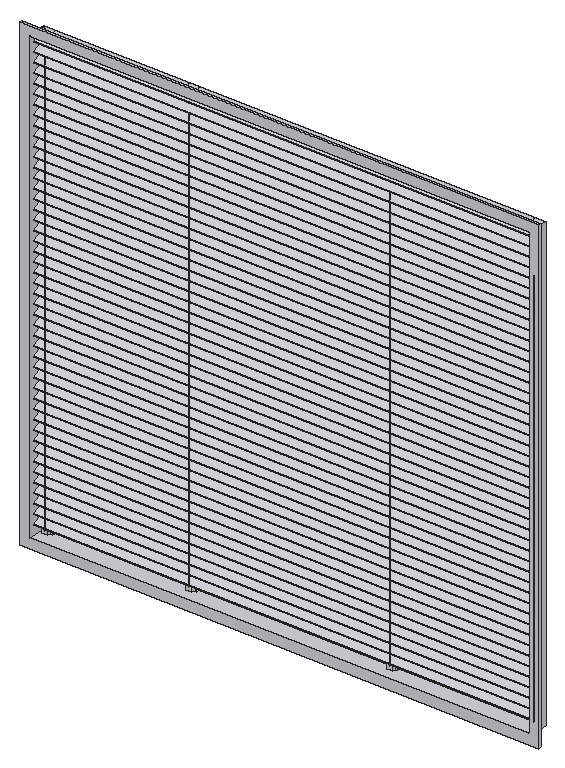
Revit family "EL-1-FL (Flange 1)", category Mechanical Equipment, Revit 2015
Parameters
  URL = "http://unitedenertech.com/catalog/pdf/A_43%20EL-1-FL.pdf"
  Type Comments = "Max. Single Section Size is (120\"w x 84\"h)"
  Model = "EL-1-FL (30 Degree Blades) (Flange #1)"
  Manufacturer = "United Enertech Corporation"
  Keynote = "Note: Blade Braces Set to Visibility Parameters, Correct Number Will Appear when Loaded into Project."
  Exact Width = 3' - 4"
  Exact Height = 3' - 0"
  Description = "PTAC Grille with Flange Frame"
  Brace Visibility [instance] = if(and(Exact Width > 1' 4", Exact Width < 2' 8"), 2 > 1, 1 > 2)  # no
  Brace Number [instance] = (Exact Width / 1' 4")  # 3
  Brace Height [instance] = Exact Height - 0' 0 1/8"  # 2' - 11 7/8"
  Blade Spacing = 0' - 0 3/4"
  Blade Number [instance] = rounddown((Exact Height - 0' 0 5/16") / 0' 0 3/4")  # 47
  BW [instance] = Exact Width - 0' 0 1/8"  # 3' - 3 7/8"
  (7) Brace Visibility [instance] = if(Exact Width > 9' 4", 2 > 1, 1 > 2)  # no
  (6) Brace Visibility [instance] = if(and(Exact Width > 8' 0", Exact Width < 9' 4"), 2 > 1, 1 > 2)  # no
  (5) Brace Visibility [instance] = if(and(Exact Width > 6' 8", Exact Width < 8' 0"), 2 > 1, 1 > 2)  # no
  (4) Brace Visibility [instance] = if(and(Exact Width > 5' 4", Exact Width < 6' 8"), 2 > 1, 1 > 2)  # no
  (3) Brace Visibility [instance] = if(and(Exact Width > 4' 0", Exact Width < 5' 4"), 2 > 1, 1 > 2)  # no
  (2) Brace Visibility [instance] = if(and(Exact Width > 2' 8", Exact Width < 4' 0"), 2 > 1, 1 > 2)  # yes
Reference planes (in)
  plane 1 "Center (Front/Back)": y = 0
  plane 2: z = 0
  plane 3 "Center (Left/Right)": x = 0
  plane 4: x = -20
  plane 5: x = 20
  plane 6: z = 36
  plane 7: x = -19.56125
  plane 8: y = -0.453
  plane 9: y = -0.237
  plane 10: z = 35.75
  plane 11: z = 18
  plane 12: z = 0.06291
  plane 13: z = 35.93709
  plane 14: x = -19.93709
  plane 15: x = 19.93709
Forms (in)
  Extrusion 1, solid
    sketch origin (-19.79782, 2.05132, 0) x (-1, 0, 0) y (0, -1, 0)
      loop
        line (-0.65373, 2.21832) -> (-0.50198, 2.05132) -> (-0.09698, 2.05132) -> (0.05477, 2.21832) -> (-0.06023, 2.21832) -> (-0.06023, 2.1602) -> (-0.11911, 2.10132) -> (-0.47986, 2.10132) -> (-0.53873, 2.1602) -> (-0.53873, 2.21832) -> (-0.65373, 2.21832)
    from 0.06291 to 35.93709
  Extrusion 2, solid
    sketch origin (19.77507, 2.48299, 0) x (1, 0, 0) y (0, 1, 0)
      loop
        line (-0.71549, -2.49199) -> (-0.71549, -2.71999) -> (-0.53299, -2.71999) -> (-0.49774, -2.93599) -> (-0.05574, -2.93599) -> (-0.02049, -2.71999) -> (0.16201, -2.71999) -> (0.16201, -2.49199) -> (0.09201, -2.49199) -> (0.02544, -2.57592) -> (0.09006, -2.64999) -> (-0.07999, -2.64999) -> (-0.11524, -2.86599) -> (-0.43823, -2.86599) -> (-0.47348, -2.64999) -> (-0.64354, -2.64999) -> (-0.58124, -2.57299) -> (-0.64549, -2.49199) -> (-0.71549, -2.49199)
    from 0.06291 to 35.93709
  Extrusion 3, solid
    sketch origin (19.79782, 2.05132, 0) x (1, 0, 0) y (0, 1, 0)
      loop
        line (-0.65373, -2.21832) -> (-0.53873, -2.21832) -> (-0.53873, -2.1602) -> (-0.47986, -2.10132) -> (-0.11911, -2.10132) -> (-0.06023, -2.1602) -> (-0.06023, -2.21832) -> (0.05477, -2.21832) -> (-0.09698, -2.05132) -> (-0.50198, -2.05132) -> (-0.65373, -2.21832)
    from 0.06291 to 35.93709
  Extrusion 4, solid
    sketch origin (-19.77507, 2.48299, 0) x (-1, 0, 0) y (0, -1, 0)
      loop
        line (-0.71549, 2.49199) -> (-0.64549, 2.49199) -> (-0.58124, 2.57299) -> (-0.64354, 2.64999) -> (-0.47348, 2.64999) -> (-0.43823, 2.86599) -> (-0.11524, 2.86599) -> (-0.07999, 2.64999) -> (0.09006, 2.64999) -> (0.02544, 2.57592) -> (0.09201, 2.49199) -> (0.16201, 2.49199) -> (0.16201, 2.71999) -> (-0.02049, 2.71999) -> (-0.05574, 2.93599) -> (-0.49774, 2.93599) -> (-0.53299, 2.71999) -> (-0.71549, 2.71999) -> (-0.71549, 2.49199)
    from 0.06291 to 35.93709
  Sweep 5, solid
    path origin (0, 0, 0) x (1, 0, 0) y (0, 0, 1)
      loop
        line (-20, 36) -> (-20, 0) -> (20, 0) -> (20, 36) -> (-20, 36)
    profile "FL : FL" origin (0, 0, 36) x (0, 0, 1) y (0, -1, 0)
      loop
        line (0.68709, 1.42493) -> (-0.06291, 1.42493) -> (-0.06291, -0.00007) -> (-0.74991, -0.00007) -> (-0.74991, -0.06307) -> (0.00009, -0.06307) -> (0.00009, 1.23693) -> (0.31159, 1.23693) -> (0.31159, 1.29993) -> (0.12409, 1.29993) -> (0.12409, 1.36193) -> (0.62409, 1.36193) -> (0.62409, 1.29993) -> (0.43659, 1.29993) -> (0.43659, 1.23693) -> (0.68709, 1.23693) -> (0.68709, 1.42493)
Dimensions and locks (in)
  equal spacing: plane 4, plane 3 "Center (Left/Right)", plane 5
  "Exact Width": plane 4 to plane 5
  "Exact Height": plane 6 to level
  locked: plane 4 to plane 7 at 0.43875
  locked: plane 6 to plane 10 at 0.25
  equal spacing: plane 6, plane 11, level
  locked: plane 12 to level at 0.06291
  locked: plane 6 to plane 13 at 0.06291
  equal spacing: group 1, group 2, group 3, group 4, group 5, group 6, group 7, group 8, group 9, group 10, group 11, group 12, group 13, group 14, group 15, group 16, group 17, group 18, group 19, group 20, group 21, group 22, group 23, group 24, group 25, group 26, group 27, group 28, group 29, group 30, group 31, group 32, group 33, group 34, group 35, group 36, group 37, group 38, group 39, group 40, group 41, group 42, group 43, group 44, group 45, group 46, group 47  (x2)
  equal spacing: group 47, group 46, group 45, group 44, group 43, group 42, group 41, group 40, group 39, group 38, group 37, group 36, group 35, group 34, group 33, group 32, group 31, group 30, group 29, group 28, group 27, group 26, group 25, group 24, group 23, group 22, group 21, group 20, group 19, group 18, group 17, group 16, group 15, group 14, group 13, group 12, group 11, group 10, group 9, group 8, group 7, group 6, group 5, group 4, group 3, group 2, group 1
  "Blade Spacing": nested 30 to nested 2
  locked: plane 4 to plane 14 at 0.06291
  locked: plane 15 to plane 5 at 0.06291
  aligned and locked: level to plane 2
  aligned and locked: plane 3 "Center (Left/Right)" to nested 1
  aligned and locked: nested 1 to plane 8
  aligned and locked: plane 3 "Center (Left/Right)" to nested 2
  aligned and locked: Sweep 5 sketch curve to plane 6
  aligned and locked: Sweep 5 sketch curve to plane 4
  aligned and locked: Sweep 5 sketch curve to plane 5
  aligned and locked: level to Sweep 5 sketch curve
  aligned and locked: nested 29 to plane 12
  aligned and locked: nested 21 to plane 12
  aligned and locked: nested 28 to plane 12
  aligned and locked: nested 15 to plane 12
  aligned and locked: nested 20 to plane 12
  aligned and locked: nested 11 to plane 12
  aligned and locked: Extrusion 2 to plane 12
  aligned and locked: Extrusion 3 to plane 12
  aligned and locked: nested 24 to plane 12
  aligned and locked: nested 14 to plane 12
  aligned and locked: nested 6 to plane 12
  aligned and locked: nested 18 to plane 12
  aligned and locked: nested 9 to plane 12
  aligned and locked: nested 3 to plane 12
  aligned and locked: nested 23 to plane 12
  aligned and locked: nested 12 to plane 12
  aligned and locked: nested 5 to plane 12
  aligned and locked: nested 1 to plane 12
  aligned and locked: nested 17 to plane 12
  aligned and locked: nested 8 to plane 12
  aligned and locked: nested 4 to plane 12
  aligned and locked: nested 25 to plane 12
  aligned and locked: nested 13 to plane 12
  aligned and locked: nested 7 to plane 12
  aligned and locked: Extrusion 4 to plane 12
  aligned and locked: Extrusion 1 to plane 12
  aligned and locked: nested 19 to plane 12
  aligned and locked: nested 10 to plane 12
  aligned and locked: nested 26 to plane 12
  aligned and locked: nested 16 to plane 12
  aligned and locked: nested 22 to plane 12
  aligned and locked: nested 27 to plane 12
  aligned and locked: plane 13 to Extrusion 4
  aligned and locked: plane 13 to Extrusion 2
  aligned and locked: plane 13 to Extrusion 1
  aligned and locked: plane 13 to Extrusion 3
  aligned and locked: plane 10 to nested 2
Automatic sketch dimensions
  plane 1 "Center (Front/Back)" to Extrusion 1 sketch curve = 0' - 0"
  plane 9 to Extrusion 1 sketch curve = 0' - 0.07"  (x2)
  Extrusion 1 sketch curve to plane 7 = 0' - 0.41716"
  Extrusion 1 sketch curve to Extrusion 1 sketch curve = 0' - 0.115"
  Extrusion 1 sketch curve to Extrusion 1 sketch curve = 0' - 0.03675"
  Extrusion 1 sketch curve to Extrusion 1 sketch curve = 0' - 0.02213"  (x2)
  plane 1 "Center (Front/Back)" to Extrusion 1 sketch curve = 0' - 0.05"
  plane 7 to Extrusion 1 sketch curve = 0' - 0.11746"
  Extrusion 1 sketch curve to Extrusion 1 sketch curve = 0' - 0.05888"  (x2)
  Extrusion 1 sketch curve to plane 4 = 0' - 0.14741"
  Extrusion 1 sketch curve to Extrusion 1 sketch curve = 0' - 0.05812"
  plane 9 to Extrusion 2 sketch curve = 0' - 0"  (x2)
  Extrusion 2 sketch curve to plane 8 = 0' - 0"
  plane 5 to Extrusion 2 sketch curve = 0' - 0.06291"
  Extrusion 2 sketch curve to plane 1 "Center (Front/Back)" = 0' - 0.009"  (x2)
  Extrusion 2 sketch curve to Extrusion 2 sketch curve = 0' - 0.07"
  plane 5 to Extrusion 2 sketch curve = 0' - 0.13486"
  Extrusion 2 sketch curve to Extrusion 2 sketch curve = 0' - 0.06462"
  Extrusion 2 sketch curve to Extrusion 2 sketch curve = 0' - 0.11055"
  plane 5 to Extrusion 2 sketch curve = 0' - 0.28066"
  Extrusion 2 sketch curve to Extrusion 2 sketch curve = 0' - 0.0595"  (x4)
  Extrusion 2 sketch curve to plane 8 = 0' - 0.07"
  Extrusion 2 sketch curve to Extrusion 2 sketch curve = 0' - 0.323"
  Extrusion 2 sketch curve to plane 9 = 0' - 0.07"  (x2)
  Extrusion 2 sketch curve to Extrusion 2 sketch curve = 0' - 0.03525"
  Extrusion 2 sketch curve to plane 1 "Center (Front/Back)" = 0' - 0.09"
  Extrusion 2 sketch curve to Extrusion 2 sketch curve = 0' - 0.10775"
  Extrusion 2 sketch curve to Extrusion 2 sketch curve = 0' - 0.0623"
  Extrusion 2 sketch curve to Extrusion 2 sketch curve = 0' - 0.06425"
  Extrusion 2 sketch curve to Extrusion 2 sketch curve = 0' - 0.07195"
  Extrusion 2 sketch curve to plane 1 "Center (Front/Back)" = 0' - 0.09293"
  plane 1 "Center (Front/Back)" to Extrusion 3 sketch curve = 0' - 0"
  Extrusion 3 sketch curve to plane 9 = 0' - 0.07"  (x2)
  plane 5 to Extrusion 3 sketch curve = 0' - 0.85591"
  Extrusion 3 sketch curve to Extrusion 3 sketch curve = 0' - 0.115"
  Extrusion 3 sketch curve to Extrusion 3 sketch curve = 0' - 0.03675"
  Extrusion 3 sketch curve to Extrusion 3 sketch curve = 0' - 0.02213"  (x2)
  Extrusion 3 sketch curve to plane 1 "Center (Front/Back)" = 0' - 0.05"
  plane 5 to Extrusion 3 sketch curve = 0' - 0.32129"
  Extrusion 3 sketch curve to Extrusion 3 sketch curve = 0' - 0.05888"  (x2)
  plane 5 to Extrusion 3 sketch curve = 0' - 0.14741"
  Extrusion 3 sketch curve to Extrusion 3 sketch curve = 0' - 0.05812"
  Extrusion 4 sketch curve to plane 9 = 0' - 0"  (x2)
  Extrusion 4 sketch curve to plane 8 = 0' - 0"
  Extrusion 4 sketch curve to plane 4 = 0' - 0.06291"
  plane 1 "Center (Front/Back)" to Extrusion 4 sketch curve = 0' - 0.009"  (x2)
  Extrusion 4 sketch curve to Extrusion 4 sketch curve = 0' - 0.07"
  Extrusion 4 sketch curve to plane 4 = 0' - 0.13486"
  Extrusion 4 sketch curve to Extrusion 4 sketch curve = 0' - 0.06462"
  Extrusion 4 sketch curve to Extrusion 4 sketch curve = 0' - 0.11055"
  Extrusion 4 sketch curve to plane 4 = 0' - 0.28066"
  Extrusion 4 sketch curve to Extrusion 4 sketch curve = 0' - 0.0595"  (x4)
  plane 8 to Extrusion 4 sketch curve = 0' - 0.07"
  Extrusion 4 sketch curve to plane 7 = 0' - 0.22441"
  plane 9 to Extrusion 4 sketch curve = 0' - 0.07"  (x2)
  Extrusion 4 sketch curve to plane 7 = 0' - 0.25966"
  plane 1 "Center (Front/Back)" to Extrusion 4 sketch curve = 0' - 0.09"
  Extrusion 4 sketch curve to Extrusion 4 sketch curve = 0' - 0.10775"
  Extrusion 4 sketch curve to Extrusion 4 sketch curve = 0' - 0.0623"
  Extrusion 4 sketch curve to Extrusion 4 sketch curve = 0' - 0.06425"
  Extrusion 4 sketch curve to Extrusion 4 sketch curve = 0' - 0.07195"
  plane 1 "Center (Front/Back)" to Extrusion 4 sketch curve = 0' - 0.09293"
Nested families (in)
  nested 1: "EL BRACE" at (0, -0.453, 0.06291), visible <- "Brace Visibility", type "EL BRACE"
    with Height 2' - 11 7/8"
  nested 2: "EL 30 Deg" at (0, -2.01253, 29.5485), type "EL 30 Deg"
    with Blade 30 Width 3' - 3 7/8"
  nested 3: "EL BRACE" at (8, -0.453, 0.06291), visible <- "(2) Brace Visibility", type "EL BRACE"
    with Height 2' - 11 7/8"
  nested 4: "EL BRACE" at (-8, -0.453, 0.06291), visible <- "(2) Brace Visibility", type "EL BRACE"
    with Height 2' - 11 7/8"
  nested 5: "EL BRACE" at (0, -0.453, 0.06291), visible <- "(3) Brace Visibility", type "EL BRACE"
    with Height 2' - 11 7/8"
  nested 6: "EL BRACE" at (16, -0.453, 0.06291), visible <- "(3) Brace Visibility", type "EL BRACE"
    with Height 2' - 11 7/8"
  nested 7: "EL BRACE" at (-16, -0.453, 0.06291), visible <- "(3) Brace Visibility", type "EL BRACE"
    with Height 2' - 11 7/8"
  nested 8: "EL BRACE" at (-8, -0.453, 0.06291), visible <- "(4) Brace Visibility", type "EL BRACE"
    with Height 2' - 11 7/8"
  nested 9: "EL BRACE" at (8, -0.453, 0.06291), visible <- "(4) Brace Visibility", type "EL BRACE"
    with Height 2' - 11 7/8"
  nested 10: "EL BRACE" at (-24, -0.453, 0.06291), visible <- "(4) Brace Visibility", type "EL BRACE"
    with Height 2' - 11 7/8"
  nested 11: "EL BRACE" at (24, -0.453, 0.06291), visible <- "(4) Brace Visibility", type "EL BRACE"
    with Height 2' - 11 7/8"
  nested 12: "EL BRACE" at (0, -0.453, 0.06291), visible <- "(5) Brace Visibility", type "EL BRACE"
    with Height 2' - 11 7/8"
  nested 13: "EL BRACE" at (-16, -0.453, 0.06291), visible <- "(5) Brace Visibility", type "EL BRACE"
    with Height 2' - 11 7/8"
  nested 14: "EL BRACE" at (16, -0.453, 0.06291), visible <- "(5) Brace Visibility", type "EL BRACE"
    with Height 2' - 11 7/8"
  nested 15: "EL BRACE" at (32, -0.453, 0.06291), visible <- "(5) Brace Visibility", type "EL BRACE"
    with Height 2' - 11 7/8"
  nested 16: "EL BRACE" at (-32, -0.453, 0.06291), visible <- "(5) Brace Visibility", type "EL BRACE"
    with Height 2' - 11 7/8"
  nested 17: "EL BRACE" at (-8, -0.453, 0.06291), visible <- "(6) Brace Visibility", type "EL BRACE"
    with Height 2' - 11 7/8"
  nested 18: "EL BRACE" at (8, -0.453, 0.06291), visible <- "(6) Brace Visibility", type "EL BRACE"
    with Height 2' - 11 7/8"
  nested 19: "EL BRACE" at (-24, -0.453, 0.06291), visible <- "(6) Brace Visibility", type "EL BRACE"
    with Height 2' - 11 7/8"
  nested 20: "EL BRACE" at (24, -0.453, 0.06291), visible <- "(6) Brace Visibility", type "EL BRACE"
    with Height 2' - 11 7/8"
  nested 21: "EL BRACE" at (40, -0.453, 0.06291), visible <- "(6) Brace Visibility", type "EL BRACE"
    with Height 2' - 11 7/8"
  nested 22: "EL BRACE" at (-40, -0.453, 0.06291), visible <- "(6) Brace Visibility", type "EL BRACE"
    with Height 2' - 11 7/8"
  nested 23: "EL BRACE" at (0, -0.453, 0.06291), visible <- "(7) Brace Visibility", type "EL BRACE"
    with Height 2' - 11 7/8"
  nested 24: "EL BRACE" at (16, -0.453, 0.06291), visible <- "(7) Brace Visibility", type "EL BRACE"
    with Height 2' - 11 7/8"
  nested 25: "EL BRACE" at (-16, -0.453, 0.06291), visible <- "(7) Brace Visibility", type "EL BRACE"
    with Height 2' - 11 7/8"
  nested 26: "EL BRACE" at (-32, -0.453, 0.06291), visible <- "(7) Brace Visibility", type "EL BRACE"
    with Height 2' - 11 7/8"
  nested 27: "EL BRACE" at (-48, -0.453, 0.06291), visible <- "(7) Brace Visibility", type "EL BRACE"
    with Height 2' - 11 7/8"
  nested 28: "EL BRACE" at (32, -0.453, 0.06291), visible <- "(7) Brace Visibility", type "EL BRACE"
    with Height 2' - 11 7/8"
  nested 29: "EL BRACE" at (48, -0.453, 0.06291), visible <- "(7) Brace Visibility", type "EL BRACE"
    with Height 2' - 11 7/8"
  nested 30: "EL 30 Deg" at (0, -2.01253, 28.7985), type "EL 30 Deg"
    with Blade 30 Width 3' - 3 7/8"
  nested 31: "EL 30 Deg" at (0, -2.01253, 28.0485), type "EL 30 Deg"
    with Blade 30 Width 3' - 3 7/8"
  nested 32: "EL 30 Deg" at (0, -2.01253, 27.2985), type "EL 30 Deg"
    with Blade 30 Width 3' - 3 7/8"
  nested 33: "EL 30 Deg" at (0, -2.01253, 26.5485), type "EL 30 Deg"
    with Blade 30 Width 3' - 3 7/8"
  nested 34: "EL 30 Deg" at (0, -2.01253, 25.7985), type "EL 30 Deg"
    with Blade 30 Width 3' - 3 7/8"
  nested 35: "EL 30 Deg" at (0, -2.01253, 25.0485), type "EL 30 Deg"
    with Blade 30 Width 3' - 3 7/8"
  nested 36: "EL 30 Deg" at (0, -2.01253, 24.2985), type "EL 30 Deg"
    with Blade 30 Width 3' - 3 7/8"
  nested 37: "EL 30 Deg" at (0, -2.01253, 23.5485), type "EL 30 Deg"
    with Blade 30 Width 3' - 3 7/8"
  nested 38: "EL 30 Deg" at (0, -2.01253, 22.7985), type "EL 30 Deg"
    with Blade 30 Width 3' - 3 7/8"
  nested 39: "EL 30 Deg" at (0, -2.01253, 22.0485), type "EL 30 Deg"
    with Blade 30 Width 3' - 3 7/8"
  nested 40: "EL 30 Deg" at (0, -2.01253, 21.2985), type "EL 30 Deg"
    with Blade 30 Width 3' - 3 7/8"
  nested 41: "EL 30 Deg" at (0, -2.01253, 20.5485), type "EL 30 Deg"
    with Blade 30 Width 3' - 3 7/8"
  nested 42: "EL 30 Deg" at (0, -2.01253, 19.7985), type "EL 30 Deg"
    with Blade 30 Width 3' - 3 7/8"
  nested 43: "EL 30 Deg" at (0, -2.01253, 19.0485), type "EL 30 Deg"
    with Blade 30 Width 3' - 3 7/8"
  nested 44: "EL 30 Deg" at (0, -2.01253, 18.2985), type "EL 30 Deg"
    with Blade 30 Width 3' - 3 7/8"
  nested 45: "EL 30 Deg" at (0, -2.01253, 17.5485), type "EL 30 Deg"
    with Blade 30 Width 3' - 3 7/8"
  nested 46: "EL 30 Deg" at (0, -2.01253, 16.7985), type "EL 30 Deg"
    with Blade 30 Width 3' - 3 7/8"
  nested 47: "EL 30 Deg" at (0, -2.01253, 16.0485), type "EL 30 Deg"
    with Blade 30 Width 3' - 3 7/8"
  nested 48: "EL 30 Deg" at (0, -2.01253, 15.2985), type "EL 30 Deg"
    with Blade 30 Width 3' - 3 7/8"
  nested 49: "EL 30 Deg" at (0, -2.01253, 14.5485), type "EL 30 Deg"
    with Blade 30 Width 3' - 3 7/8"
  nested 50: "EL 30 Deg" at (0, -2.01253, 13.7985), type "EL 30 Deg"
    with Blade 30 Width 3' - 3 7/8"
  nested 51: "EL 30 Deg" at (0, -2.01253, 13.0485), type "EL 30 Deg"
    with Blade 30 Width 3' - 3 7/8"
  nested 52: "EL 30 Deg" at (0, -2.01253, 12.2985), type "EL 30 Deg"
    with Blade 30 Width 3' - 3 7/8"
  nested 53: "EL 30 Deg" at (0, -2.01253, 11.5485), type "EL 30 Deg"
    with Blade 30 Width 3' - 3 7/8"
  nested 54: "EL 30 Deg" at (0, -2.01253, 10.7985), type "EL 30 Deg"
    with Blade 30 Width 3' - 3 7/8"
  nested 55: "EL 30 Deg" at (0, -2.01253, 10.0485), type "EL 30 Deg"
    with Blade 30 Width 3' - 3 7/8"
  nested 56: "EL 30 Deg" at (0, -2.01253, 9.2985), type "EL 30 Deg"
    with Blade 30 Width 3' - 3 7/8"
  nested 57: "EL 30 Deg" at (0, -2.01253, 8.5485), type "EL 30 Deg"
    with Blade 30 Width 3' - 3 7/8"
  nested 58: "EL 30 Deg" at (0, -2.01253, 7.7985), type "EL 30 Deg"
    with Blade 30 Width 3' - 3 7/8"
  nested 59: "EL 30 Deg" at (0, -2.01253, 7.0485), type "EL 30 Deg"
    with Blade 30 Width 3' - 3 7/8"
  nested 60: "EL 30 Deg" at (0, -2.01253, 6.2985), type "EL 30 Deg"
    with Blade 30 Width 3' - 3 7/8"
  nested 61: "EL 30 Deg" at (0, -2.01253, 5.5485), type "EL 30 Deg"
    with Blade 30 Width 3' - 3 7/8"
  nested 62: "EL 30 Deg" at (0, -2.01253, 4.7985), type "EL 30 Deg"
    with Blade 30 Width 3' - 3 7/8"
  nested 63: "EL 30 Deg" at (0, -2.01253, 4.0485), type "EL 30 Deg"
    with Blade 30 Width 3' - 3 7/8"
  nested 64: "EL 30 Deg" at (0, -2.01253, 3.2985), type "EL 30 Deg"
    with Blade 30 Width 3' - 3 7/8"
  nested 65: "EL 30 Deg" at (0, -2.01253, 2.5485), type "EL 30 Deg"
    with Blade 30 Width 3' - 3 7/8"
  nested 66: "EL 30 Deg" at (0, -2.01253, 1.7985), type "EL 30 Deg"
    with Blade 30 Width 3' - 3 7/8"
  nested 67: "EL 30 Deg" at (0, -2.01253, 1.0485), type "EL 30 Deg"
    with Blade 30 Width 3' - 3 7/8"
  nested 68: "EL 30 Deg" at (0, -2.01253, 0.2985), type "EL 30 Deg"
    with Blade 30 Width 3' - 3 7/8"
  nested 69: "EL 30 Deg" at (0, -2.01253, -0.4515), type "EL 30 Deg"
    with Blade 30 Width 3' - 3 7/8"
  nested 70: "EL 30 Deg" at (0, -2.01253, -1.2015), type "EL 30 Deg"
    with Blade 30 Width 3' - 3 7/8"
  nested 71: "EL 30 Deg" at (0, -2.01253, -1.9515), type "EL 30 Deg"
    with Blade 30 Width 3' - 3 7/8"
  nested 72: "EL 30 Deg" at (0, -2.01253, -2.7015), type "EL 30 Deg"
    with Blade 30 Width 3' - 3 7/8"
  nested 73: "EL 30 Deg" at (0, -2.01253, -3.4515), type "EL 30 Deg"
    with Blade 30 Width 3' - 3 7/8"
  nested 74: "EL 30 Deg" at (0, -2.01253, -4.2015), type "EL 30 Deg"
    with Blade 30 Width 3' - 3 7/8"
  nested 75: "EL 30 Deg" at (0, -2.01253, -4.9515), type "EL 30 Deg"
    with Blade 30 Width 3' - 3 7/8"
Definition of nested family "EL BRACE"
  Parameters (values of type "EL BRACE")
    Height = 1' - 5.56492"
  Reference planes (in)
    plane 1 "Center (Front/Back)": y = 0
    plane 2: z = 0
    plane 3 "Center (Left/Right)": x = 0
    plane 4: z = 17.56492
  Forms (in)
    Extrusion 1, solid
      sketch origin (6.72326, 2.93599, 0) x (-1, 0, 0) y (0, -1, 0)
        loop
          line (6.28451, 2.49199) -> (6.35451, 2.49199) -> (6.41876, 2.57299) -> (6.35646, 2.64999) -> (6.52652, 2.64999) -> (6.56177, 2.86599) -> (6.88476, 2.86599) -> (6.92001, 2.64999) -> (7.09006, 2.64999) -> (7.02544, 2.57592) -> (7.09201, 2.49199) -> (7.16201, 2.49199) -> (7.16201, 2.71999) -> (6.97951, 2.71999) -> (6.94426, 2.93599) -> (6.50226, 2.93599) -> (6.46701, 2.71999) -> (6.28451, 2.71999) -> (6.28451, 2.49199)
      from 0 to 17.56492
  Dimensions and locks (in)
    "Height": plane 4 to level
    aligned and locked: level to plane 2
    aligned and locked: plane 4 to Extrusion 1
  Automatic sketch dimensions
    plane 1 "Center (Front/Back)" to Extrusion 1 sketch curve = 0' - 0"
    Extrusion 1 sketch curve to plane 1 "Center (Front/Back)" = 0' - 0.216"
    plane 3 "Center (Left/Right)" to Extrusion 1 sketch curve = 0' - 0.43875"
    Extrusion 1 sketch curve to Extrusion 1 sketch curve = 0' - 0.07"  (x4)
    Extrusion 1 sketch curve to Extrusion 1 sketch curve = 0' - 0.07195"
    Extrusion 1 sketch curve to Extrusion 1 sketch curve = 0' - 0.0623"
    Extrusion 1 sketch curve to Extrusion 1 sketch curve = 0' - 0.11055"
    Extrusion 1 sketch curve to Extrusion 1 sketch curve = 0' - 0.03525"
    Extrusion 1 sketch curve to Extrusion 1 sketch curve = 0' - 0.0595"  (x4)
    Extrusion 1 sketch curve to plane 1 "Center (Front/Back)" = 0' - 0.07"
    Extrusion 1 sketch curve to plane 3 "Center (Left/Right)" = 0' - 0.1615"
    Extrusion 1 sketch curve to plane 3 "Center (Left/Right)" = 0' - 0.19675"
    Extrusion 1 sketch curve to Extrusion 1 sketch curve = 0' - 0.10543"
    Extrusion 1 sketch curve to Extrusion 1 sketch curve = 0' - 0.06462"
    Extrusion 1 sketch curve to Extrusion 1 sketch curve = 0' - 0.06657"
    Extrusion 1 sketch curve to plane 1 "Center (Front/Back)" = 0' - 0.286"
    Extrusion 1 sketch curve to Extrusion 1 sketch curve = 0' - 0.07407"
    Extrusion 1 sketch curve to Extrusion 1 sketch curve = 0' - 0.077"
    Extrusion 1 sketch curve to Extrusion 1 sketch curve = 0' - 0.08393"
    Extrusion 1 sketch curve to Extrusion 1 sketch curve = 0' - 0.081"
Definition of nested family "EL 30 Deg"
  Parameters (values of type "EL 30 Deg")
    Blade 30 Width = 3' - 0"
  Reference planes (in)
    plane 1 "Center (Front/Back)": y = 0
    plane 2: z = 0
    plane 3 "Center (Left/Right)": x = 0
    plane 4: x = -18
    plane 5: x = 18
  Forms (in)
    Extrusion 1, solid
      sketch origin (0.80302, -5.449, 4.64597) x (0, 1, 0) y (0, 0, 1)
        loop
          line (6.38152, 1.21315) -> (6.41652, 1.15253) -> (6.99328, 1.48552) -> (7.22452, 1.48552) -> (7.22452, 1.55552) -> (6.97452, 1.55552) -> (6.38152, 1.21315)
      from -18.80302 to 17.19698
  Dimensions and locks (in)
    equal spacing: plane 4, plane 3 "Center (Left/Right)", plane 5
    "Blade 30 Width": plane 4 to plane 5
    aligned and locked: level to plane 2
    aligned and locked: plane 5 to Extrusion 1
    aligned and locked: plane 4 to Extrusion 1
  Automatic sketch dimensions
    Extrusion 1 sketch curve to plane 1 "Center (Front/Back)" = 0' - 0.93253"
    Extrusion 1 sketch curve to Extrusion 1 sketch curve = 0' - 0.035"
    Extrusion 1 sketch curve to Extrusion 1 sketch curve = 0' - 0.593"
    Extrusion 1 sketch curve to Extrusion 1 sketch curve = 0' - 0.01876"
    Extrusion 1 sketch curve to Extrusion 1 sketch curve = 0' - 0.23124"
    level to Extrusion 1 sketch curve = 0' - 5.7985"
    Extrusion 1 sketch curve to Extrusion 1 sketch curve = 0' - 0.06062"
